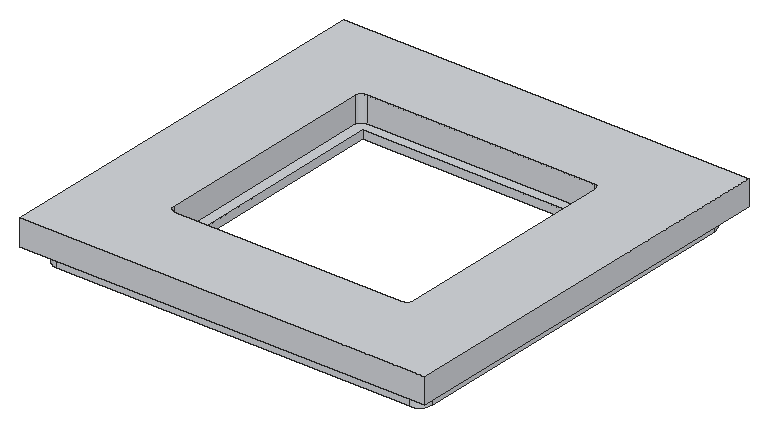
Revit family "Gira_0211217", category Electrical Fixtures, host Face, Revit 2017
Family settings
  Host = Face
  Maintain Annotation Orientation = No
  Round Connector Dimension = Use Diameter
  Part Type = Normal
  Cut with Voids When Loaded = No
  Shared = No
  Room Calculation Point = No
Parameters (values of type "Abdeckrahmen 1f Gira Esprit Alum.Hellgold")
  Werkstoffgüte = "aluminium"
  Werkstoff = "Metall"
  URL = "http://katalog.gira.de/de_DE/datenblatt.html?artikelnr=0211217"
  Transparent = "No"
  Textfeld/Beschriftungsfläche = "No"
  Schutzart (IP) = "IP20"
  Region = "DE"
  Oberfläche = "sonstige"
  Name = "Abdeckrahmen 1f Gira Esprit Alum.Hellgold"
  Montagerichtung = "horizontal und vertikal"
  Mit Montagerahmen = "No"
  Mit Klappdeckel = "No"
  Manufacturer URL = "https://www.gira.de/"
  Keynote = "Espr._Rahmen_1fach"
  HeinzeBIM = "https://bimportal.heinze.de/bim/abdeckrahmen-1f-gira-esprit-alum-hellgold/249125122278464a37887a151f1d4bb77edfef51"
  Halogenfrei = "No"
  HAN = "0211217"
  Geeignet für Unterputz-Installation = "Yes"
  Geeignet für Unterflurkanaldose = "No"
  Geeignet für Geräteeinbaukanal = "No"
  Geeignet für Einbauinstallation = "No"
  GTIN = "4010337015710"
  Farbe = "aluminium"
  Default Elevation = 1219.2 mm
  Data sheet (1) = "https://katalog.gira.de/de_DE/download.html?artikelnr=0211217"
  Category = "Abdeckrahmen"
  Befestigungsart = "Klemmbefestigung"
  Available = "Yes"
  Anzahl der Einheiten vertikal = "1 "
  Anzahl der Einheiten horizontal = "1 "
  Anzahl der Einheiten = "1 "
Reference planes
  plane 1 "Center (Front/Back)": y = 0
  plane 2: z = 0
  plane 3 "Center (Left/Right)": x = 0
Forms (mm)
  Extrusion 1, solid, detail levels fine
    sketch origin (0, 0, 0) x (1, 0, 0) y (0, 1, 0)
      loop
        line (-47.5, 47.5) -> (-47.5, -47.5) -> (47.5, -47.5) -> (47.5, 47.5) -> (-47.5, 47.5)
      loop
        arc (-28.2, -26.7) -> (-27.761, -27.761) -> (-26.7, -28.2) r 1.5
        line (-26.7, -28.2) -> (26.7, -28.2)
        arc (26.7, -28.2) -> (27.761, -27.761) -> (28.2, -26.7) r 1.5
        line (28.2, -26.7) -> (28.2, 26.7)
        arc (28.2, 26.7) -> (27.761, 27.761) -> (26.7, 28.2) r 1.5
        line (26.7, 28.2) -> (-26.7, 28.2)
        arc (-26.7, 28.2) -> (-27.761, 27.761) -> (-28.2, 26.7) r 1.5
        line (-28.2, 26.7) -> (-28.2, -26.7)
    from 0 to 6
  Extrusion 2, solid, detail levels fine
    sketch origin (0, 0, 0) x (1, 0, 0) y (0, 1, 0)
      loop
        line (-25.7, -25.7) -> (25.7, -25.7) -> (25.7, 25.7) -> (-25.7, 25.7) -> (-25.7, -25.7)
      loop
        arc (-43.1, -41.3) -> (-42.573, -42.573) -> (-41.3, -43.1) r 1.8
        line (-41.3, -43.1) -> (41.3, -43.1)
        arc (41.3, -43.1) -> (42.573, -42.573) -> (43.1, -41.3) r 1.8
        line (43.1, -41.3) -> (43.1, 41.3)
        arc (43.1, 41.3) -> (42.573, 42.573) -> (41.3, 43.1) r 1.8
        line (41.3, 43.1) -> (-41.3, 43.1)
        arc (-41.3, 43.1) -> (-42.573, 42.573) -> (-43.1, 41.3) r 1.8
        line (-43.1, 41.3) -> (-43.1, -41.3)
    from -1.9 to 0
  Extrusion 3, solid, detail levels fine
    sketch origin (0, 0, 0) x (1, 0, 0) y (0, 1, 0)
      loop
        arc (-41.4, 44.4) -> (-43.521, 43.521) -> (-44.4, 41.4) r 3
        line (-44.4, 41.4) -> (-44.4, -41.4)
        arc (-44.4, -41.4) -> (-43.521, -43.521) -> (-41.4, -44.4) r 3
        line (-41.4, -44.4) -> (41.4, -44.4)
        arc (41.4, -44.4) -> (43.521, -43.521) -> (44.4, -41.4) r 3
        line (44.4, -41.4) -> (44.4, 41.4)
        arc (44.4, 41.4) -> (43.521, 43.521) -> (41.4, 44.4) r 3
        line (41.4, 44.4) -> (-41.4, 44.4)
      loop
        line (-43.1, 41.3) -> (-43.1, -41.3)
        arc (-43.1, -41.3) -> (-42.573, -42.573) -> (-41.3, -43.1) r 1.8
        line (-41.3, -43.1) -> (41.3, -43.1)
        arc (41.3, -43.1) -> (42.573, -42.573) -> (43.1, -41.3) r 1.8
        line (43.1, -41.3) -> (43.1, 41.3)
        arc (43.1, 41.3) -> (42.573, 42.573) -> (41.3, 43.1) r 1.8
        line (41.3, 43.1) -> (-41.3, 43.1)
        arc (-41.3, 43.1) -> (-42.573, 42.573) -> (-43.1, 41.3) r 1.8
    from -3.7 to 0
  Extrusion 4, solid, detail levels medium
    sketch origin (0, 0, 0) x (1, 0, 0) y (0, 1, 0)
      loop
        line (-47.5, 47.5) -> (-47.5, -47.5) -> (47.5, -47.5) -> (47.5, 47.5) -> (-47.5, 47.5)
    from 0 to 6
  Extrusion 5, solid, detail levels medium
    sketch origin (0, 0, 0) x (1, 0, 0) y (0, 1, 0)
      loop
        line (-44.4, 44.4) -> (-44.4, -44.4) -> (44.4, -44.4) -> (44.4, 44.4) -> (-44.4, 44.4)
    from -3.7 to 0
  Extrusion 6, solid, detail levels coarse
    sketch origin (0, 0, 0) x (1, 0, 0) y (0, 1, 0)
      loop
        line (-47.5, 47.5) -> (-47.5, -47.5) -> (47.5, -47.5) -> (47.5, 47.5) -> (-47.5, 47.5)
    from -3.7 to 6
Dimensions and locks
  aligned and locked: plane 2 to host face
  aligned and locked: level to host face
